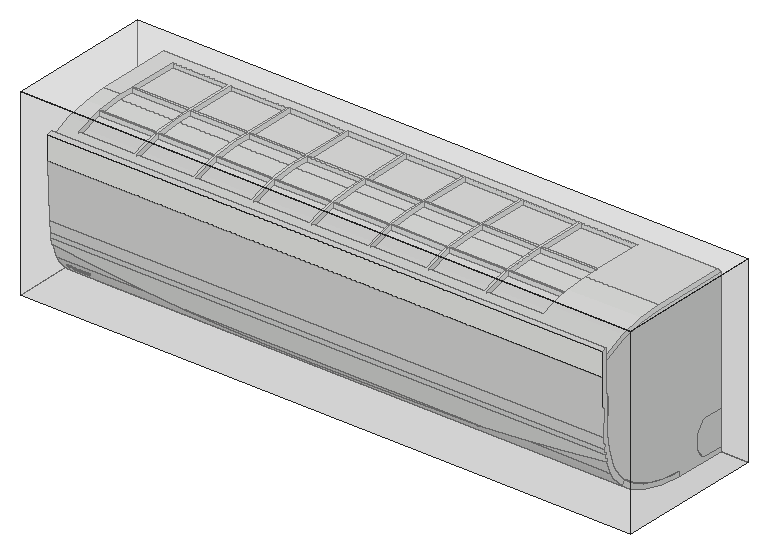
Revit family "outputfile", category 機械設備, Revit 2024 (continued)
Definition of nested family "DAIKIN_indoorunit_CTXM-RVMA"
  Forms (mm)
    Extrusion 43, void
      sketch origin (2031, -3000, 770.025) x (-1, 0, 0) y (0, -1, 0)
        loop
          line (2469.102, -2838.661) -> (2543, -2838.661) -> (2543, -2830.33) -> (2469.102, -2830.33) -> (2469.102, -2838.661)
        loop
          line (2469.102, -2852.675) -> (2543, -2852.675) -> (2543, -2841.325) -> (2469.102, -2841.325) -> (2469.102, -2852.675)
        loop
          line (2469.102, -2868.69) -> (2543, -2868.69) -> (2543, -2855.314) -> (2469.102, -2855.314) -> (2469.102, -2868.69)
        loop
          line (2469.102, -2889.694) -> (2543, -2889.694) -> (2543, -2871.306) -> (2469.102, -2871.306) -> (2469.102, -2889.694)
        loop
          line (2469.102, -2913.694) -> (2543, -2913.694) -> (2543, -2892.306) -> (2469.102, -2892.306) -> (2469.102, -2913.694)
        loop
          line (2469.102, -2941.694) -> (2543, -2941.694) -> (2543, -2916.306) -> (2469.102, -2916.306) -> (2469.102, -2941.694)
        loop
          line (2387.902, -2972.2) -> (2466.102, -2972.2) -> (2466.102, -2944.306) -> (2387.902, -2944.306) -> (2387.902, -2972.2)
        loop
          line (2387.902, -2806.638) -> (2466.102, -2806.638) -> (2466.102, -2799.5) -> (2387.902, -2799.5) -> (2387.902, -2806.638)
        loop
          line (2387.902, -2816.646) -> (2466.102, -2816.646) -> (2466.102, -2809.343) -> (2387.902, -2809.343) -> (2387.902, -2816.646)
        loop
          line (2387.902, -2827.654) -> (2466.102, -2827.654) -> (2466.102, -2819.336) -> (2387.902, -2819.336) -> (2387.902, -2827.654)
        loop
          line (2387.902, -2838.661) -> (2466.102, -2838.661) -> (2466.102, -2830.33) -> (2387.902, -2830.33) -> (2387.902, -2838.661)
        loop
          line (2387.902, -2852.675) -> (2466.102, -2852.675) -> (2466.102, -2841.325) -> (2387.902, -2841.325) -> (2387.902, -2852.675)
        loop
          line (2387.902, -2868.69) -> (2466.102, -2868.69) -> (2466.102, -2855.314) -> (2387.902, -2855.314) -> (2387.902, -2868.69)
        loop
          line (2387.902, -2889.694) -> (2466.102, -2889.694) -> (2466.102, -2871.306) -> (2387.902, -2871.306) -> (2387.902, -2889.694)
        loop
          line (2387.902, -2913.694) -> (2466.102, -2913.694) -> (2466.102, -2892.306) -> (2387.902, -2892.306) -> (2387.902, -2913.694)
        loop
          line (2387.902, -2941.694) -> (2466.102, -2941.694) -> (2466.102, -2916.306) -> (2387.902, -2916.306) -> (2387.902, -2941.694)
        loop
          line (2225.152, -2972.2) -> (2303.702, -2972.2) -> (2303.702, -2944.306) -> (2225.152, -2944.306) -> (2225.152, -2972.2)
        loop
          line (2225.152, -2806.638) -> (2303.702, -2806.638) -> (2303.702, -2799.5) -> (2225.152, -2799.5) -> (2225.152, -2806.638)
        loop
          line (2225.152, -2816.646) -> (2303.702, -2816.646) -> (2303.702, -2809.343) -> (2225.152, -2809.343) -> (2225.152, -2816.646)
        loop
          line (2225.152, -2827.654) -> (2303.702, -2827.654) -> (2303.702, -2819.336) -> (2225.152, -2819.336) -> (2225.152, -2827.654)
        loop
          line (2225.152, -2838.661) -> (2303.702, -2838.661) -> (2303.702, -2830.33) -> (2225.152, -2830.33) -> (2225.152, -2838.661)
        loop
          line (2225.152, -2852.675) -> (2303.702, -2852.675) -> (2303.702, -2841.325) -> (2225.152, -2841.325) -> (2225.152, -2852.675)
        loop
          line (2225.152, -2868.69) -> (2303.702, -2868.69) -> (2303.702, -2855.314) -> (2225.152, -2855.314) -> (2225.152, -2868.69)
        loop
          line (2225.152, -2889.694) -> (2303.702, -2889.694) -> (2303.702, -2871.306) -> (2225.152, -2871.306) -> (2225.152, -2889.694)
        loop
          line (2225.152, -2913.694) -> (2303.702, -2913.694) -> (2303.702, -2892.306) -> (2225.152, -2892.306) -> (2225.152, -2913.694)
        loop
          line (2225.152, -2941.694) -> (2303.702, -2941.694) -> (2303.702, -2916.306) -> (2225.152, -2916.306) -> (2225.152, -2941.694)
        loop
          line (2306.702, -2972.2) -> (2384.902, -2972.2) -> (2384.902, -2944.306) -> (2306.702, -2944.306) -> (2306.702, -2972.2)
        loop
          line (2306.702, -2806.638) -> (2384.902, -2806.638) -> (2384.902, -2799.5) -> (2306.702, -2799.5) -> (2306.702, -2806.638)
        loop
          line (2306.702, -2816.646) -> (2384.902, -2816.646) -> (2384.902, -2809.343) -> (2306.702, -2809.343) -> (2306.702, -2816.646)
        loop
          line (2306.702, -2827.654) -> (2384.902, -2827.654) -> (2384.902, -2819.336) -> (2306.702, -2819.336) -> (2306.702, -2827.654)
        loop
          line (2306.702, -2838.661) -> (2384.902, -2838.661) -> (2384.902, -2830.33) -> (2306.702, -2830.33) -> (2306.702, -2838.661)
        loop
          line (2306.702, -2852.675) -> (2384.902, -2852.675) -> (2384.902, -2841.325) -> (2306.702, -2841.325) -> (2306.702, -2852.675)
        loop
          line (2306.702, -2868.69) -> (2384.902, -2868.69) -> (2384.902, -2855.314) -> (2306.702, -2855.314) -> (2306.702, -2868.69)
        loop
          line (2306.702, -2889.694) -> (2384.902, -2889.694) -> (2384.902, -2871.306) -> (2306.702, -2871.306) -> (2306.702, -2889.694)
        loop
          line (2306.702, -2913.694) -> (2384.902, -2913.694) -> (2384.902, -2892.306) -> (2306.702, -2892.306) -> (2306.702, -2913.694)
        loop
          line (2306.702, -2941.694) -> (2384.902, -2941.694) -> (2384.902, -2916.306) -> (2306.702, -2916.306) -> (2306.702, -2941.694)
        loop
          line (2143.602, -2972.2) -> (2222.652, -2972.2) -> (2222.652, -2944.306) -> (2143.602, -2944.306) -> (2143.602, -2972.2)
        loop
          line (2143.602, -2806.638) -> (2222.652, -2806.638) -> (2222.652, -2799.5) -> (2143.602, -2799.5) -> (2143.602, -2806.638)
        loop
          line (2143.602, -2816.646) -> (2222.652, -2816.646) -> (2222.652, -2809.343) -> (2143.602, -2809.343) -> (2143.602, -2816.646)
        loop
          line (2143.602, -2827.654) -> (2222.652, -2827.654) -> (2222.652, -2819.336) -> (2143.602, -2819.336) -> (2143.602, -2827.654)
        loop
          line (2143.602, -2838.661) -> (2222.652, -2838.661) -> (2222.652, -2830.33) -> (2143.602, -2830.33) -> (2143.602, -2838.661)
        loop
          line (2143.602, -2852.675) -> (2222.652, -2852.675) -> (2222.652, -2841.325) -> (2143.602, -2841.325) -> (2143.602, -2852.675)
        loop
          line (2144.102, -2868.69) -> (2222.652, -2868.69) -> (2222.652, -2855.314) -> (2144.102, -2855.314) -> (2144.102, -2868.69)
        loop
          line (2143.602, -2889.694) -> (2222.652, -2889.694) -> (2222.652, -2871.306) -> (2143.602, -2871.306) -> (2143.602, -2889.694)
        loop
          line (2143.602, -2913.694) -> (2222.652, -2913.694) -> (2222.652, -2892.306) -> (2143.602, -2892.306) -> (2143.602, -2913.694)
        loop
          line (2143.602, -2941.694) -> (2222.652, -2941.694) -> (2222.652, -2916.306) -> (2143.602, -2916.306) -> (2143.602, -2941.694)
        loop
          line (2062.402, -2972.2) -> (2140.602, -2972.2) -> (2140.602, -2944.306) -> (2062.402, -2944.306) -> (2062.402, -2972.2)
        loop
          line (2062.402, -2806.638) -> (2140.602, -2806.638) -> (2140.602, -2799.5) -> (2062.402, -2799.5) -> (2062.402, -2806.638)
        loop
          line (2062.402, -2816.646) -> (2140.602, -2816.646) -> (2140.602, -2809.343) -> (2062.402, -2809.343) -> (2062.402, -2816.646)
        loop
          line (2062.402, -2827.654) -> (2140.602, -2827.654) -> (2140.602, -2819.336) -> (2062.402, -2819.336) -> (2062.402, -2827.654)
        loop
          line (2062.402, -2838.661) -> (2140.602, -2838.661) -> (2140.602, -2830.33) -> (2062.402, -2830.33) -> (2062.402, -2838.661)
        loop
          line (2062.402, -2852.675) -> (2140.602, -2852.675) -> (2140.602, -2841.325) -> (2062.402, -2841.325) -> (2062.402, -2852.675)
        loop
          line (2062.402, -2868.69) -> (2140.602, -2868.69) -> (2140.602, -2855.314) -> (2062.402, -2855.314) -> (2062.402, -2868.69)
        loop
          line (2062.402, -2889.694) -> (2140.602, -2889.694) -> (2140.602, -2871.306) -> (2062.402, -2871.306) -> (2062.402, -2889.694)
        loop
          line (2062.402, -2913.694) -> (2140.602, -2913.694) -> (2140.602, -2892.306) -> (2062.402, -2892.306) -> (2062.402, -2913.694)
        loop
          line (2062.402, -2941.694) -> (2140.602, -2941.694) -> (2140.602, -2916.306) -> (2062.402, -2916.306) -> (2062.402, -2941.694)
        loop
          line (1981.202, -2972.2) -> (2059.402, -2972.2) -> (2059.402, -2944.306) -> (1981.202, -2944.306) -> (1981.202, -2972.2)
        loop
          line (1981.202, -2806.638) -> (2059.402, -2806.638) -> (2059.402, -2799.5) -> (1981.202, -2799.5) -> (1981.202, -2806.638)
        loop
          line (1981.202, -2816.646) -> (2059.402, -2816.646) -> (2059.402, -2809.343) -> (1981.202, -2809.343) -> (1981.202, -2816.646)
        loop
          line (1981.202, -2827.654) -> (2059.402, -2827.654) -> (2059.402, -2819.336) -> (1981.202, -2819.336) -> (1981.202, -2827.654)
        loop
          line (1981.202, -2838.661) -> (2059.402, -2838.661) -> (2059.402, -2830.33) -> (1981.202, -2830.33) -> (1981.202, -2838.661)
        loop
          line (1981.202, -2852.675) -> (2059.402, -2852.675) -> (2059.402, -2841.325) -> (1981.202, -2841.325) -> (1981.202, -2852.675)
        loop
          line (1981.202, -2868.69) -> (2059.402, -2868.69) -> (2059.402, -2855.314) -> (1981.202, -2855.314) -> (1981.202, -2868.69)
        loop
          line (1981.202, -2889.694) -> (2059.402, -2889.694) -> (2059.402, -2871.306) -> (1981.202, -2871.306) -> (1981.202, -2889.694)
        loop
          line (1981.202, -2913.694) -> (2059.402, -2913.694) -> (2059.402, -2892.306) -> (1981.202, -2892.306) -> (1981.202, -2913.694)
        loop
          line (1981.202, -2941.694) -> (2059.402, -2941.694) -> (2059.402, -2916.306) -> (1981.202, -2916.306) -> (1981.202, -2941.694)
        loop
          line (1899.652, -2972.2) -> (1978.202, -2972.2) -> (1978.202, -2944.306) -> (1899.652, -2944.306) -> (1899.652, -2972.2)
        loop
          line (1899.652, -2806.638) -> (1978.202, -2806.638) -> (1978.202, -2799.5) -> (1899.652, -2799.5) -> (1899.652, -2806.638)
        loop
          line (1899.652, -2816.646) -> (1978.202, -2816.646) -> (1978.202, -2809.343) -> (1899.652, -2809.343) -> (1899.652, -2816.646)
        loop
          line (1899.652, -2827.654) -> (1978.202, -2827.654) -> (1978.202, -2819.336) -> (1899.652, -2819.336) -> (1899.652, -2827.654)
        loop
          line (1899.652, -2838.661) -> (1978.202, -2838.661) -> (1978.202, -2830.33) -> (1899.652, -2830.33) -> (1899.652, -2838.661)
        loop
          line (1899.652, -2852.675) -> (1978.202, -2852.675) -> (1978.202, -2841.325) -> (1899.652, -2841.325) -> (1899.652, -2852.675)
        loop
          line (1899.652, -2868.69) -> (1978.202, -2868.69) -> (1978.202, -2855.314) -> (1899.652, -2855.314) -> (1899.652, -2868.69)
        loop
          line (1899.652, -2889.694) -> (1978.202, -2889.694) -> (1978.202, -2871.306) -> (1899.652, -2871.306) -> (1899.652, -2889.694)
        loop
          line (1899.652, -2913.694) -> (1978.202, -2913.694) -> (1978.202, -2892.306) -> (1899.652, -2892.306) -> (1899.652, -2913.694)
        loop
          line (1899.652, -2941.694) -> (1978.202, -2941.694) -> (1978.202, -2916.306) -> (1899.652, -2916.306) -> (1899.652, -2941.694)
        loop
          line (1818.102, -2972.2) -> (1897.152, -2972.2) -> (1897.152, -2944.306) -> (1818.102, -2944.306) -> (1818.102, -2972.2)
        loop
          line (1818.102, -2806.638) -> (1897.152, -2806.638) -> (1897.152, -2799.5) -> (1818.102, -2799.5) -> (1818.102, -2806.638)
        loop
          line (1818.102, -2816.646) -> (1897.152, -2816.646) -> (1897.152, -2809.343) -> (1818.102, -2809.343) -> (1818.102, -2816.646)
        loop
          line (1818.102, -2827.654) -> (1897.152, -2827.654) -> (1897.152, -2819.336) -> (1818.102, -2819.336) -> (1818.102, -2827.654)
        loop
          line (1818.102, -2838.661) -> (1897.152, -2838.661) -> (1897.152, -2830.33) -> (1818.102, -2830.33) -> (1818.102, -2838.661)
        loop
          line (1818.102, -2852.675) -> (1897.152, -2852.675) -> (1897.152, -2841.325) -> (1818.102, -2841.325) -> (1818.102, -2852.675)
        loop
          line (1818.602, -2868.69) -> (1897.152, -2868.69) -> (1897.152, -2855.314) -> (1818.602, -2855.314) -> (1818.602, -2868.69)
        loop
          line (1818.102, -2889.694) -> (1897.152, -2889.694) -> (1897.152, -2871.306) -> (1818.102, -2871.306) -> (1818.102, -2889.694)
        loop
          line (1818.102, -2913.694) -> (1897.152, -2913.694) -> (1897.152, -2892.306) -> (1818.102, -2892.306) -> (1818.102, -2913.694)
        loop
          line (1818.102, -2941.694) -> (1897.152, -2941.694) -> (1897.152, -2916.306) -> (1818.102, -2916.306) -> (1818.102, -2941.694)
        loop
          line (1736.902, -2972.2) -> (1815.102, -2972.2) -> (1815.102, -2944.306) -> (1736.902, -2944.306) -> (1736.902, -2972.2)
        loop
          line (1736.902, -2806.638) -> (1815.102, -2806.638) -> (1815.102, -2799.5) -> (1736.902, -2799.5) -> (1736.902, -2806.638)
        loop
          line (1736.902, -2816.646) -> (1815.102, -2816.646) -> (1815.102, -2809.343) -> (1736.902, -2809.343) -> (1736.902, -2816.646)
        loop
          line (1736.902, -2827.654) -> (1815.102, -2827.654) -> (1815.102, -2819.336) -> (1736.902, -2819.336) -> (1736.902, -2827.654)
        loop
          line (1736.902, -2838.661) -> (1815.102, -2838.661) -> (1815.102, -2830.33) -> (1736.902, -2830.33) -> (1736.902, -2838.661)
        loop
          line (1736.902, -2852.675) -> (1815.102, -2852.675) -> (1815.102, -2841.325) -> (1736.902, -2841.325) -> (1736.902, -2852.675)
        loop
          line (1736.902, -2868.69) -> (1815.102, -2868.69) -> (1815.102, -2855.314) -> (1736.902, -2855.314) -> (1736.902, -2868.69)
        loop
          line (1736.902, -2889.694) -> (1815.102, -2889.694) -> (1815.102, -2871.306) -> (1736.902, -2871.306) -> (1736.902, -2889.694)
        loop
          line (1736.902, -2913.694) -> (1815.102, -2913.694) -> (1815.102, -2892.306) -> (1736.902, -2892.306) -> (1736.902, -2913.694)
        loop
          line (1736.902, -2941.694) -> (1815.102, -2941.694) -> (1815.102, -2916.306) -> (1736.902, -2916.306) -> (1736.902, -2941.694)
        loop
          line (1655.702, -2972.2) -> (1733.902, -2972.2) -> (1733.902, -2944.306) -> (1655.702, -2944.306) -> (1655.702, -2972.2)
        loop
          line (1655.702, -2806.638) -> (1733.902, -2806.638) -> (1733.902, -2799.5) -> (1655.702, -2799.5) -> (1655.702, -2806.638)
        loop
          line (1655.702, -2816.646) -> (1733.902, -2816.646) -> (1733.902, -2809.343) -> (1655.702, -2809.343) -> (1655.702, -2816.646)
        loop
          line (1655.702, -2827.654) -> (1733.902, -2827.654) -> (1733.902, -2819.336) -> (1655.702, -2819.336) -> (1655.702, -2827.654)
        loop
          line (1655.702, -2838.661) -> (1733.902, -2838.661) -> (1733.902, -2830.33) -> (1655.702, -2830.33) -> (1655.702, -2838.661)
        loop
          line (1655.702, -2852.675) -> (1733.902, -2852.675) -> (1733.902, -2841.325) -> (1655.702, -2841.325) -> (1655.702, -2852.675)
        loop
          line (1655.702, -2868.69) -> (1733.902, -2868.69) -> (1733.902, -2855.314) -> (1655.702, -2855.314) -> (1655.702, -2868.69)
        loop
          line (1655.702, -2889.694) -> (1733.902, -2889.694) -> (1733.902, -2871.306) -> (1655.702, -2871.306) -> (1655.702, -2889.694)
        loop
          line (1655.702, -2913.694) -> (1733.902, -2913.694) -> (1733.902, -2892.306) -> (1655.702, -2892.306) -> (1655.702, -2913.694)
        loop
          line (1655.702, -2941.694) -> (1733.902, -2941.694) -> (1733.902, -2916.306) -> (1655.702, -2916.306) -> (1655.702, -2941.694)
        loop
          line (1575, -2972.2) -> (1652.702, -2972.2) -> (1652.702, -2944.306) -> (1575, -2944.306) -> (1575, -2972.2)
        loop
          line (1575, -2806.638) -> (1652.702, -2806.638) -> (1652.702, -2799.5) -> (1575, -2799.5) -> (1575, -2806.638)
        loop
          line (1575, -2816.646) -> (1652.702, -2816.646) -> (1652.702, -2809.343) -> (1575, -2809.343) -> (1575, -2816.646)
        loop
          line (1575, -2827.654) -> (1652.702, -2827.654) -> (1652.702, -2819.336) -> (1575, -2819.336) -> (1575, -2827.654)
        loop
          line (1575, -2838.661) -> (1652.702, -2838.661) -> (1652.702, -2830.33) -> (1575, -2830.33) -> (1575, -2838.661)
        loop
          line (1575, -2852.675) -> (1652.702, -2852.675) -> (1652.702, -2841.325) -> (1575, -2841.325) -> (1575, -2852.675)
        loop
          line (1575, -2868.69) -> (1652.702, -2868.69) -> (1652.702, -2855.314) -> (1575, -2855.314) -> (1575, -2868.69)
        loop
          line (1575, -2889.694) -> (1652.702, -2889.694) -> (1652.702, -2871.306) -> (1575, -2871.306) -> (1575, -2889.694)
        loop
          line (1575, -2913.694) -> (1652.702, -2913.694) -> (1652.702, -2892.306) -> (1575, -2892.306) -> (1575, -2913.694)
        loop
          line (1575, -2941.694) -> (1652.702, -2941.694) -> (1652.702, -2916.306) -> (1575, -2916.306) -> (1575, -2941.694)
      from -762.353 to -819.974
  Cuts and joins
    Extrusion 9 cuts Extrusion 1
    Extrusion 10 cuts Extrusion 4
    joined: Extrusion 3, Extrusion 4
    Extrusion 18 cuts Extrusion 15
    Extrusion 19 cuts Extrusion 24
    joined: Extrusion 17, Extrusion 24
    Extrusion 43 cuts Extrusion 39
    Extrusion 38 cuts Extrusion 33
    Extrusion 38 cuts Extrusion 32
    Extrusion 40 cuts Extrusion 37
    Extrusion 42 cuts Extrusion 41
    Extrusion 35 cuts Extrusion 34
  Lines and regions (mm)
    reference lines
      curve 1: line (-523, -201.911, -229.404) -> (-523, -193.542, -239.977)
      curve 2: line (-523, -240.779, -229.404) -> (-523, -232.411, -239.977)
      curve 3: line (-523, -258.828, -65.45) -> (-523, -258.639, -75.448)
  Dimensions and locks
    locked: Extrusion 10 sketch curve to Extrusion 10 sketch curve at 1194
    Extrusion 10 sketch curve to Extrusion 10 sketch curve = 1194.0 mm
    locked: Extrusion 12 sketch curve to Extrusion 12 sketch curve at 60
    locked: Extrusion 12 sketch curve to Extrusion 12 sketch curve at 50
    locked: Extrusion 14 sketch curve to Extrusion 14 sketch curve at 60  (x2)
    locked: Extrusion 14 sketch curve to Extrusion 14 sketch curve at 50
    equal spacing: plane 5, plane 3 "Center (Left/Right)", plane 4
    "Width": plane 5 to plane 4
    "WALL HOLE_L": Extrusion 11 sketch curve to plane 4
    "WALL HOLE-R": plane 5 to Extrusion 11 sketch curve
    "Height": plane 2 "reference_level" to plane 6
    "WALL HOLE_H": Extrusion 11 sketch curve to plane 6  (x2)
    locked: cut or joined group of Extrusion 3, Extrusion 4, Extrusion 10 to nested 1 at 15
    locked: Extrusion 17 to nested 2 at 15
    locked: Extrusion 26 sketch curve to Extrusion 26 sketch curve at 60
    locked: Extrusion 26 sketch curve to Extrusion 26 sketch curve at 50
    locked: Extrusion 27 sketch curve to Extrusion 27 sketch curve at 60
    locked: Extrusion 27 sketch curve to Extrusion 27 sketch curve at 50
    locked: Extrusion 28 sketch curve to Extrusion 28 sketch curve at 60  (x2)
    locked: Extrusion 28 sketch curve to Extrusion 28 sketch curve at 50  (x2)
    locked: Extrusion 29 sketch curve to Extrusion 29 sketch curve at 60
    locked: Extrusion 29 sketch curve to Extrusion 29 sketch curve at 50
    locked: Extrusion 31 sketch curve to Extrusion 31 sketch curve at 60  (x2)
    locked: Extrusion 31 sketch curve to Extrusion 31 sketch curve at 50
    "WALL HOLE Size": diameter of Extrusion 11 sketch curve  (x2)
    aligned and locked: level to plane 2 "reference_level"
    aligned and locked: nested 1 to curve 1
    aligned and locked: Extrusion 13 sketch curve to Extrusion 12  (x4)
    aligned and locked: Extrusion 14 sketch curve to Extrusion 14 sketch curve  (x2)
    aligned and locked: Extrusion 11 to plane 1 "Center (Front/Back)"
    aligned and locked: nested 2 to curve 2
    aligned and locked: Extrusion 30 sketch curve to Extrusion 29  (x4)
    aligned and locked: Extrusion 31 sketch curve to Extrusion 31 sketch curve  (x2)
  Automatic sketch dimensions
    Extrusion 10 sketch curve to plane 3 "Center (Left/Right)" = 597.0 mm
    Extrusion 10 sketch curve to plane 3 "Center (Left/Right)" = 2.0 mm
    Extrusion 10 sketch curve to level = 352.872 mm
    Extrusion 10 sketch curve to level = 175.856 mm
    Extrusion 10 sketch curve to level = 174.907 mm
    curve 1 to level = 239.977 mm
    plane 1 "Center (Front/Back)" to curve 1 = 193.542 mm
    curve 2 to curve 1 = 0.0 mm
    curve 2 to curve 2 = 10.573 mm
    curve 1 to curve 1 = 10.573 mm
    curve 1 to curve 1 = 8.368 mm
    curve 1 to curve 2 = 30.5 mm
    curve 2 to curve 2 = 8.368 mm
    Extrusion 19 sketch curve to plane 3 "Center (Left/Right)" = 707.0 mm
    plane 3 "Center (Left/Right)" to Extrusion 19 sketch curve = 2.0 mm
    plane 3 "Center (Left/Right)" to Extrusion 19 sketch curve = 707.0 mm
    Extrusion 19 sketch curve to level = 372.872 mm
    Extrusion 19 sketch curve to level = 162.4 mm
    Extrusion 19 sketch curve to level = 161.567 mm
    Extrusion 1 sketch curve to level = 0.0 mm
    Extrusion 1 sketch curve to plane 1 "Center (Front/Back)" = 0.0 mm
    plane 1 "Center (Front/Back)" to Extrusion 1 sketch curve = 5.0 mm
    plane 1 "Center (Front/Back)" to Extrusion 1 sketch curve = 98.0 mm
    Extrusion 1 sketch curve to Extrusion 1 sketch curve = 0.07 mm
    Extrusion 1 sketch curve to level = 59.292 mm
    Extrusion 1 sketch curve to plane 1 "Center (Front/Back)" = 1977.0 mm
    Extrusion 1 sketch curve to level = 250.0 mm
    Extrusion 1 sketch curve to Extrusion 1 sketch curve = 0.0 mm
    Extrusion 1 sketch curve to level = 8.0 mm
    Extrusion 1 sketch curve to level = 28.427 mm
    plane 1 "Center (Front/Back)" to Extrusion 2 sketch curve = 180.748 mm
    Extrusion 2 sketch curve to Extrusion 2 sketch curve = 4.0 mm
    Extrusion 2 sketch curve to Extrusion 2 sketch curve = 77.747 mm
    plane 1 "Center (Front/Back)" to Extrusion 2 sketch curve = 59.279 mm
    Extrusion 2 sketch curve to Extrusion 2 sketch curve = 0.0 mm
    Extrusion 2 sketch curve to level = 283.538 mm
    Extrusion 2 sketch curve to Extrusion 2 sketch curve = 8.116 mm
    Extrusion 2 sketch curve to Extrusion 2 sketch curve = 21.583 mm
    Extrusion 2 sketch curve to Extrusion 2 sketch curve = 6.929 mm
    Extrusion 3 sketch curve to level = 19.961 mm
    plane 1 "Center (Front/Back)" to Extrusion 3 sketch curve = 223.0 mm
    Extrusion 3 sketch curve to level = 17.235 mm
    Extrusion 3 sketch curve to Extrusion 3 sketch curve = 8.406 mm
    plane 1 "Center (Front/Back)" to Extrusion 3 sketch curve = 181.517 mm
    Extrusion 3 sketch curve to Extrusion 3 sketch curve = 4.087 mm
    Extrusion 3 sketch curve to Extrusion 3 sketch curve = 69.11 mm
    Extrusion 3 sketch curve to Extrusion 3 sketch curve = 0.001 mm
    Extrusion 3 sketch curve to plane 1 "Center (Front/Back)" = 8.955 mm
    Extrusion 3 sketch curve to Extrusion 3 sketch curve = 0.067 mm
    Extrusion 3 sketch curve to level = 60.455 mm
    Extrusion 3 sketch curve to Extrusion 3 sketch curve = 1917.898 mm
    Extrusion 3 sketch curve to Extrusion 3 sketch curve = 44.907 mm
    Extrusion 3 sketch curve to Extrusion 3 sketch curve = 5.172 mm
    Extrusion 3 sketch curve to level = 150.456 mm
    Extrusion 3 sketch curve to Extrusion 3 sketch curve = 0.006 mm
    Extrusion 3 sketch curve to Extrusion 3 sketch curve = 19.265 mm
    Extrusion 3 sketch curve to Extrusion 3 sketch curve = 0.004 mm
    Extrusion 3 sketch curve to Extrusion 3 sketch curve = 76.368 mm
    Extrusion 3 sketch curve to Extrusion 3 sketch curve = 7.077 mm
    Extrusion 3 sketch curve to Extrusion 3 sketch curve = 1.002 mm
    Extrusion 3 sketch curve to Extrusion 3 sketch curve = 0.046 mm
    Extrusion 3 sketch curve to Extrusion 3 sketch curve = 8.005 mm
    Extrusion 3 sketch curve to Extrusion 3 sketch curve = 0.147 mm
    Extrusion 3 sketch curve to Extrusion 3 sketch curve = 0.0 mm
    plane 1 "Center (Front/Back)" to Extrusion 4 sketch curve = 217.853 mm
    Extrusion 4 sketch curve to Extrusion 4 sketch curve = 4.664 mm
    Extrusion 4 sketch curve to Extrusion 4 sketch curve = 26.964 mm
    Extrusion 4 sketch curve to Extrusion 4 sketch curve = 4.708 mm
    Extrusion 4 sketch curve to Extrusion 4 sketch curve = 1.92 mm
    Extrusion 4 sketch curve to Extrusion 4 sketch curve = 68.441 mm
    Extrusion 4 sketch curve to Extrusion 4 sketch curve = 2.837 mm
    Extrusion 4 sketch curve to Extrusion 4 sketch curve = 38.066 mm
    level to Extrusion 4 sketch curve = 640.031 mm
    Extrusion 4 sketch curve to plane 1 "Center (Front/Back)" = 3958.661 mm
    Extrusion 4 sketch curve to level = 111.946 mm
    Extrusion 4 sketch curve to Extrusion 4 sketch curve = 57.779 mm
    Extrusion 4 sketch curve to Extrusion 4 sketch curve = 3.149 mm
    Extrusion 4 sketch curve to Extrusion 4 sketch curve = 14.078 mm
    Extrusion 4 sketch curve to Extrusion 4 sketch curve = 0.754 mm
    Extrusion 4 sketch curve to Extrusion 4 sketch curve = 0.239 mm
    Extrusion 4 sketch curve to Extrusion 4 sketch curve = 3.324 mm
    Extrusion 4 sketch curve to Extrusion 4 sketch curve = 0.0 mm
    Extrusion 5 sketch curve to plane 1 "Center (Front/Back)" = 0.0 mm
    plane 1 "Center (Front/Back)" to Extrusion 5 sketch curve = 59.278 mm
    Extrusion 5 sketch curve to Extrusion 5 sketch curve = 98.0 mm
    Extrusion 5 sketch curve to Extrusion 5 sketch curve = 0.0 mm  (x3)
    Extrusion 5 sketch curve to level = 8.0 mm
    Extrusion 5 sketch curve to Extrusion 5 sketch curve = 38.791 mm
    Extrusion 5 sketch curve to Extrusion 5 sketch curve = 10.249 mm
    Extrusion 5 sketch curve to plane 1 "Center (Front/Back)" = 9.11 mm
    Extrusion 5 sketch curve to level = 59.292 mm
    Extrusion 5 sketch curve to Extrusion 5 sketch curve = 1967.89 mm
    Extrusion 5 sketch curve to Extrusion 5 sketch curve = 142.454 mm
    Extrusion 5 sketch curve to Extrusion 5 sketch curve = 19.271 mm
    Extrusion 5 sketch curve to Extrusion 5 sketch curve = 80.275 mm
    Extrusion 5 sketch curve to Extrusion 5 sketch curve = 24.579 mm
    Extrusion 5 sketch curve to Extrusion 5 sketch curve = 10.421 mm
    Extrusion 5 sketch curve to level = 46.847 mm
    Extrusion 5 sketch curve to Extrusion 5 sketch curve = 77.412 mm
    Extrusion 5 sketch curve to Extrusion 5 sketch curve = 33.49 mm
    Extrusion 5 sketch curve to Extrusion 5 sketch curve = 2.68 mm
    plane 1 "Center (Front/Back)" to Extrusion 6 sketch curve = 180.748 mm
    Extrusion 6 sketch curve to Extrusion 6 sketch curve = 4.0 mm
    Extrusion 6 sketch curve to Extrusion 6 sketch curve = 77.747 mm
    plane 1 "Center (Front/Back)" to Extrusion 6 sketch curve = 59.279 mm
    Extrusion 6 sketch curve to Extrusion 6 sketch curve = 0.0 mm
    Extrusion 6 sketch curve to level = 283.538 mm
    Extrusion 6 sketch curve to Extrusion 6 sketch curve = 8.116 mm
    Extrusion 6 sketch curve to Extrusion 6 sketch curve = 21.583 mm
    Extrusion 6 sketch curve to Extrusion 6 sketch curve = 6.929 mm
    plane 1 "Center (Front/Back)" to Extrusion 7 sketch curve = 180.748 mm
    Extrusion 7 sketch curve to Extrusion 7 sketch curve = 4.0 mm
    Extrusion 7 sketch curve to Extrusion 7 sketch curve = 65.247 mm
    plane 1 "Center (Front/Back)" to Extrusion 7 sketch curve = 59.279 mm
    Extrusion 7 sketch curve to Extrusion 7 sketch curve = 0.0 mm
    Extrusion 7 sketch curve to level = 281.097 mm
    Extrusion 7 sketch curve to Extrusion 7 sketch curve = 8.203 mm
    Extrusion 7 sketch curve to Extrusion 7 sketch curve = 19.055 mm
    Extrusion 7 sketch curve to Extrusion 7 sketch curve = 6.929 mm
    plane 1 "Center (Front/Back)" to Extrusion 8 sketch curve = 180.748 mm
    Extrusion 8 sketch curve to Extrusion 8 sketch curve = 4.0 mm
    Extrusion 8 sketch curve to Extrusion 8 sketch curve = 65.247 mm
    plane 1 "Center (Front/Back)" to Extrusion 8 sketch curve = 59.279 mm
    Extrusion 8 sketch curve to Extrusion 8 sketch curve = 0.0 mm
    Extrusion 8 sketch curve to level = 281.097 mm
    Extrusion 8 sketch curve to Extrusion 8 sketch curve = 8.203 mm
    Extrusion 8 sketch curve to Extrusion 8 sketch curve = 19.055 mm
    Extrusion 8 sketch curve to Extrusion 8 sketch curve = 6.929 mm
    plane 1 "Center (Front/Back)" to Extrusion 9 sketch curve = 165.259 mm  (x2)
    Extrusion 9 sketch curve to plane 3 "Center (Left/Right)" = 354.941 mm
    plane 1 "Center (Front/Back)" to Extrusion 9 sketch curve = 22.316 mm  (x3)
    Extrusion 9 sketch curve to Extrusion 9 sketch curve = 0.0 mm  (x26)
    Extrusion 9 sketch curve to Extrusion 9 sketch curve = 102.268 mm  (x2)
    Extrusion 9 sketch curve to Extrusion 9 sketch curve = 3.332 mm  (x4)
    Extrusion 9 sketch curve to Extrusion 9 sketch curve = 97.768 mm  (x2)
    Extrusion 9 sketch curve to Extrusion 9 sketch curve = 3.264 mm  (x3)
    plane 3 "Center (Left/Right)" to Extrusion 9 sketch curve = 58.309 mm
    Extrusion 9 sketch curve to Extrusion 9 sketch curve = 3.38 mm  (x3)
    Extrusion 9 sketch curve to Extrusion 9 sketch curve = 2.124 mm  (x6)
    Extrusion 9 sketch curve to Extrusion 9 sketch curve = 25.299 mm  (x2)
    Extrusion 9 sketch curve to Extrusion 9 sketch curve = 70.6 mm
    Extrusion 9 sketch curve to Extrusion 9 sketch curve = 3.317 mm  (x4)
    Extrusion 12 sketch curve to plane 1 "Center (Front/Back)" = 0.0 mm
    Extrusion 12 sketch curve to Extrusion 12 sketch curve = 20.0 mm  (x2)
    Extrusion 12 sketch curve to level = 277.0 mm
    plane 1 "Center (Front/Back)" to Extrusion 14 sketch curve = 0.0 mm
    plane 3 "Center (Left/Right)" to Extrusion 14 sketch curve = 374.0 mm
    Extrusion 14 sketch curve to Extrusion 14 sketch curve = 20.0 mm  (x3)
    plane 1 "Center (Front/Back)" to Extrusion 14 sketch curve = 30.0 mm
    Extrusion 14 sketch curve to plane 3 "Center (Left/Right)" = 314.0 mm
    Extrusion 15 sketch curve to level = 0.0 mm
    Extrusion 15 sketch curve to plane 1 "Center (Front/Back)" = 0.0 mm
    plane 1 "Center (Front/Back)" to Extrusion 15 sketch curve = 5.0 mm
    Extrusion 15 sketch curve to Extrusion 15 sketch curve = 133.0 mm
    Extrusion 15 sketch curve to Extrusion 15 sketch curve = 0.013 mm
    Extrusion 15 sketch curve to level = 59.292 mm
    Extrusion 15 sketch curve to plane 1 "Center (Front/Back)" = 1937.0 mm
    Extrusion 15 sketch curve to Extrusion 15 sketch curve = 250.0 mm
    Extrusion 15 sketch curve to Extrusion 15 sketch curve = 4.393 mm
    Extrusion 15 sketch curve to level = 8.0 mm
    Extrusion 15 sketch curve to level = 28.427 mm
    plane 1 "Center (Front/Back)" to Extrusion 16 sketch curve = 218.957 mm
    Extrusion 16 sketch curve to Extrusion 16 sketch curve = 5.601 mm
    Extrusion 16 sketch curve to Extrusion 16 sketch curve = 65.735 mm
    Extrusion 16 sketch curve to Extrusion 16 sketch curve = 1.462 mm
    plane 1 "Center (Front/Back)" to Extrusion 16 sketch curve = 108.136 mm
    Extrusion 16 sketch curve to Extrusion 16 sketch curve = 14.543 mm
    plane 1 "Center (Front/Back)" to Extrusion 16 sketch curve = 92.093 mm
    Extrusion 16 sketch curve to Extrusion 16 sketch curve = 1.354 mm
    Extrusion 16 sketch curve to level = 294.995 mm
    Extrusion 16 sketch curve to Extrusion 16 sketch curve = 8.909 mm
    Extrusion 16 sketch curve to Extrusion 16 sketch curve = 31.937 mm
    Extrusion 16 sketch curve to Extrusion 16 sketch curve = 7.433 mm
    Extrusion 16 sketch curve to Extrusion 16 sketch curve = 75.403 mm
    Extrusion 16 sketch curve to Extrusion 16 sketch curve = 0.896 mm
    Extrusion 16 sketch curve to level = 72.504 mm
    Extrusion 16 sketch curve to Extrusion 16 sketch curve = 0.504 mm
    Extrusion 17 sketch curve to level = 19.962 mm
    plane 1 "Center (Front/Back)" to Extrusion 17 sketch curve = 263.0 mm
    Extrusion 17 sketch curve to level = 17.23 mm
    Extrusion 17 sketch curve to Extrusion 17 sketch curve = 8.406 mm
    Extrusion 17 sketch curve to Extrusion 17 sketch curve = 43.283 mm
    Extrusion 17 sketch curve to Extrusion 17 sketch curve = 5.011 mm
    Extrusion 17 sketch curve to Extrusion 17 sketch curve = 49.129 mm
    Extrusion 17 sketch curve to Extrusion 17 sketch curve = 19.417 mm
    Extrusion 17 sketch curve to Extrusion 17 sketch curve = 50.037 mm
    Extrusion 17 sketch curve to Extrusion 17 sketch curve = 8.89 mm
    Extrusion 17 sketch curve to level = 61.6 mm
    Extrusion 17 sketch curve to plane 1 "Center (Front/Back)" = 1754.341 mm
    Extrusion 17 sketch curve to level = 58.909 mm
    Extrusion 17 sketch curve to Extrusion 17 sketch curve = 113.192 mm
    Extrusion 17 sketch curve to Extrusion 17 sketch curve = 69.467 mm
    Extrusion 17 sketch curve to level = 146.886 mm
    Extrusion 17 sketch curve to Extrusion 17 sketch curve = 3.987 mm
    Extrusion 17 sketch curve to Extrusion 17 sketch curve = 20.44 mm
    Extrusion 17 sketch curve to Extrusion 17 sketch curve = 13.597 mm
    Extrusion 17 sketch curve to Extrusion 17 sketch curve = 61.936 mm
    Extrusion 17 sketch curve to Extrusion 17 sketch curve = 6.649 mm
    Extrusion 17 sketch curve to level = 59.438 mm
    Extrusion 17 sketch curve to Extrusion 17 sketch curve = 0.0 mm
    Extrusion 17 sketch curve to Extrusion 17 sketch curve = 0.147 mm
    Extrusion 17 sketch curve to Extrusion 17 sketch curve = 7.808 mm
    plane 1 "Center (Front/Back)" to Extrusion 18 sketch curve = 22.316 mm  (x6)
    Extrusion 18 sketch curve to plane 3 "Center (Left/Right)" = 464.909 mm
    Extrusion 18 sketch curve to Extrusion 18 sketch curve = 0.0 mm  (x27)
    Extrusion 18 sketch curve to Extrusion 18 sketch curve = 100.606 mm  (x7)
    Extrusion 18 sketch curve to Extrusion 18 sketch curve = 3.594 mm  (x16)
    Extrusion 18 sketch curve to plane 3 "Center (Left/Right)" = 51.704 mm
    plane 3 "Center (Left/Right)" to Extrusion 18 sketch curve = 52.496 mm  (x2)
    Extrusion 18 sketch curve to Extrusion 18 sketch curve = 89.026 mm  (x6)
    Extrusion 18 sketch curve to Extrusion 18 sketch curve = 3.117 mm  (x8)
    Extrusion 18 sketch curve to Extrusion 18 sketch curve = 70.6 mm  (x7)
    Extrusion 18 sketch curve to Extrusion 18 sketch curve = 2.324 mm  (x8)
    Extrusion 18 sketch curve to Extrusion 18 sketch curve = 45.299 mm  (x7)
    plane 1 "Center (Front/Back)" to Extrusion 20 sketch curve = 218.957 mm
    Extrusion 20 sketch curve to Extrusion 20 sketch curve = 5.601 mm
    Extrusion 20 sketch curve to Extrusion 20 sketch curve = 65.735 mm
    Extrusion 20 sketch curve to Extrusion 20 sketch curve = 1.462 mm
    plane 1 "Center (Front/Back)" to Extrusion 20 sketch curve = 108.136 mm
    Extrusion 20 sketch curve to Extrusion 20 sketch curve = 14.543 mm
    plane 1 "Center (Front/Back)" to Extrusion 20 sketch curve = 92.093 mm
    Extrusion 20 sketch curve to Extrusion 20 sketch curve = 1.354 mm
    Extrusion 20 sketch curve to level = 72.0 mm
    Extrusion 20 sketch curve to Extrusion 20 sketch curve = 0.504 mm
    Extrusion 20 sketch curve to Extrusion 20 sketch curve = 98.416 mm
    Extrusion 20 sketch curve to Extrusion 20 sketch curve = 0.896 mm
    Extrusion 20 sketch curve to Extrusion 20 sketch curve = 76.3 mm
    Extrusion 20 sketch curve to Extrusion 20 sketch curve = 7.433 mm
    Extrusion 20 sketch curve to Extrusion 20 sketch curve = 26.684 mm
    Extrusion 20 sketch curve to Extrusion 20 sketch curve = 8.909 mm
    plane 1 "Center (Front/Back)" to Extrusion 21 sketch curve = 218.957 mm
    Extrusion 21 sketch curve to Extrusion 21 sketch curve = 5.601 mm
    Extrusion 21 sketch curve to Extrusion 21 sketch curve = 65.735 mm
    Extrusion 21 sketch curve to Extrusion 21 sketch curve = 1.462 mm
    Extrusion 21 sketch curve to Extrusion 21 sketch curve = 83.356 mm
    plane 1 "Center (Front/Back)" to Extrusion 21 sketch curve = 92.093 mm
    Extrusion 21 sketch curve to Extrusion 21 sketch curve = 1.354 mm
    Extrusion 21 sketch curve to level = 291.755 mm
    Extrusion 21 sketch curve to Extrusion 21 sketch curve = 8.588 mm
    Extrusion 21 sketch curve to Extrusion 21 sketch curve = 29.018 mm
    Extrusion 21 sketch curve to Extrusion 21 sketch curve = 7.433 mm
    Extrusion 21 sketch curve to Extrusion 21 sketch curve = 75.403 mm
    Extrusion 21 sketch curve to Extrusion 21 sketch curve = 0.896 mm
    Extrusion 21 sketch curve to level = 72.504 mm
    Extrusion 21 sketch curve to Extrusion 21 sketch curve = 0.504 mm
    plane 1 "Center (Front/Back)" to Extrusion 22 sketch curve = 164.0 mm
    Extrusion 22 sketch curve to Extrusion 22 sketch curve = 34.0 mm
    plane 1 "Center (Front/Back)" to Extrusion 22 sketch curve = 92.093 mm
    Extrusion 22 sketch curve to Extrusion 22 sketch curve = 1.354 mm
    Extrusion 22 sketch curve to level = 291.755 mm
    Extrusion 22 sketch curve to Extrusion 22 sketch curve = 8.588 mm
    Extrusion 22 sketch curve to Extrusion 22 sketch curve = 0.077 mm
    Extrusion 22 sketch curve to Extrusion 22 sketch curve = 9.207 mm
    plane 1 "Center (Front/Back)" to Extrusion 23 sketch curve = 218.957 mm
    Extrusion 23 sketch curve to Extrusion 23 sketch curve = 5.601 mm
    Extrusion 23 sketch curve to Extrusion 23 sketch curve = 49.356 mm
    Extrusion 23 sketch curve to Extrusion 23 sketch curve = 65.735 mm
    Extrusion 23 sketch curve to Extrusion 23 sketch curve = 1.462 mm
    plane 1 "Center (Front/Back)" to Extrusion 23 sketch curve = 92.093 mm
    Extrusion 23 sketch curve to Extrusion 23 sketch curve = 1.354 mm
    Extrusion 23 sketch curve to level = 283.089 mm
    Extrusion 23 sketch curve to Extrusion 23 sketch curve = 9.207 mm
    Extrusion 23 sketch curve to Extrusion 23 sketch curve = 19.733 mm
    Extrusion 23 sketch curve to Extrusion 23 sketch curve = 7.433 mm
    Extrusion 23 sketch curve to Extrusion 23 sketch curve = 75.403 mm
    Extrusion 23 sketch curve to Extrusion 23 sketch curve = 0.896 mm
    Extrusion 23 sketch curve to level = 72.504 mm
    Extrusion 23 sketch curve to Extrusion 23 sketch curve = 0.504 mm
    Extrusion 24 sketch curve to level = 276.055 mm
    plane 1 "Center (Front/Back)" to Extrusion 24 sketch curve = 639.709 mm
    plane 1 "Center (Front/Back)" to Extrusion 24 sketch curve = 258.299 mm
    Extrusion 24 sketch curve to Extrusion 24 sketch curve = 2.64 mm
    Extrusion 24 sketch curve to Extrusion 24 sketch curve = 35.942 mm
    Extrusion 24 sketch curve to Extrusion 24 sketch curve = 1.937 mm
    Extrusion 24 sketch curve to Extrusion 24 sketch curve = 20.299 mm
    Extrusion 24 sketch curve to Extrusion 24 sketch curve = 45.88 mm
    Extrusion 24 sketch curve to Extrusion 24 sketch curve = 41.737 mm
    Extrusion 24 sketch curve to Extrusion 24 sketch curve = 13.741 mm
    Extrusion 24 sketch curve to Extrusion 24 sketch curve = 3.448 mm
    Extrusion 24 sketch curve to level = 253.495 mm
    Extrusion 24 sketch curve to Extrusion 24 sketch curve = 2.571 mm
    Extrusion 24 sketch curve to Extrusion 24 sketch curve = 37.558 mm
    Extrusion 24 sketch curve to Extrusion 24 sketch curve = 33.63 mm
    Extrusion 24 sketch curve to Extrusion 24 sketch curve = 0.492 mm
    Extrusion 24 sketch curve to Extrusion 24 sketch curve = 40.059 mm
    Extrusion 24 sketch curve to Extrusion 24 sketch curve = 22.435 mm
    Extrusion 24 sketch curve to Extrusion 24 sketch curve = 1.992 mm
    Extrusion 24 sketch curve to Extrusion 24 sketch curve = 37.063 mm
    Extrusion 24 sketch curve to Extrusion 24 sketch curve = 0.0 mm
    Extrusion 24 sketch curve to Extrusion 24 sketch curve = 4.147 mm
    Extrusion 25 sketch curve to Extrusion 25 sketch curve = 0.0 mm  (x4)
    Extrusion 25 sketch curve to plane 1 "Center (Front/Back)" = 0.0 mm
    plane 1 "Center (Front/Back)" to Extrusion 25 sketch curve = 87.233 mm
    Extrusion 25 sketch curve to Extrusion 25 sketch curve = 3.506 mm
    Extrusion 25 sketch curve to Extrusion 25 sketch curve = 92.593 mm
    Extrusion 25 sketch curve to Extrusion 25 sketch curve = 45.42 mm
    Extrusion 25 sketch curve to Extrusion 25 sketch curve = 58.927 mm
    Extrusion 25 sketch curve to Extrusion 25 sketch curve = 74.393 mm
    Extrusion 25 sketch curve to Extrusion 25 sketch curve = 2.031 mm
    Extrusion 25 sketch curve to level = 58.927 mm
    Extrusion 25 sketch curve to plane 1 "Center (Front/Back)" = 1866.935 mm
    Extrusion 25 sketch curve to level = 72.504 mm
    Extrusion 25 sketch curve to Extrusion 25 sketch curve = 74.381 mm
    Extrusion 25 sketch curve to Extrusion 25 sketch curve = 24.427 mm
    Extrusion 25 sketch curve to Extrusion 25 sketch curve = 74.426 mm
    Extrusion 25 sketch curve to Extrusion 25 sketch curve = 0.483 mm
    Extrusion 25 sketch curve to Extrusion 25 sketch curve = 4.137 mm
    Extrusion 25 sketch curve to Extrusion 25 sketch curve = 31.393 mm
    Extrusion 25 sketch curve to Extrusion 25 sketch curve = 9.215 mm
    Extrusion 25 sketch curve to level = 8.0 mm
    Extrusion 26 sketch curve to plane 1 "Center (Front/Back)" = 0.0 mm
    Extrusion 26 sketch curve to Extrusion 26 sketch curve = 20.0 mm  (x2)
    Extrusion 26 sketch curve to level = 287.035 mm
    Extrusion 27 sketch curve to plane 1 "Center (Front/Back)" = 0.0 mm
    Extrusion 27 sketch curve to Extrusion 27 sketch curve = 20.0 mm  (x2)
    Extrusion 27 sketch curve to level = 287.035 mm
    plane 1 "Center (Front/Back)" to Extrusion 28 sketch curve = 0.0 mm  (x2)
    plane 3 "Center (Left/Right)" to Extrusion 28 sketch curve = 469.0 mm
    Extrusion 28 sketch curve to Extrusion 28 sketch curve = 20.0 mm  (x4)
    Extrusion 28 sketch curve to plane 3 "Center (Left/Right)" = 409.0 mm
    curve 3 to level = 75.448 mm
    curve 3 to curve 3 = 9.998 mm
    plane 1 "Center (Front/Back)" to curve 3 = 258.639 mm
    curve 3 to curve 3 = 0.188 mm
    Extrusion 29 sketch curve to plane 1 "Center (Front/Back)" = 0.0 mm
    Extrusion 29 sketch curve to level = 332.0 mm
    Extrusion 29 sketch curve to Extrusion 29 sketch curve = 20.0 mm  (x2)
    plane 1 "Center (Front/Back)" to Extrusion 31 sketch curve = 0.0 mm
    plane 3 "Center (Left/Right)" to Extrusion 31 sketch curve = 541.0 mm
    Extrusion 31 sketch curve to Extrusion 31 sketch curve = 20.0 mm  (x3)
    plane 1 "Center (Front/Back)" to Extrusion 31 sketch curve = 30.0 mm
    Extrusion 31 sketch curve to plane 3 "Center (Left/Right)" = 505.0 mm
    Extrusion 32 sketch curve to level = 340.0 mm
    Extrusion 32 sketch curve to plane 1 "Center (Front/Back)" = 0.0 mm
    plane 1 "Center (Front/Back)" to Extrusion 32 sketch curve = 5.0 mm
    plane 1 "Center (Front/Back)" to Extrusion 32 sketch curve = 79.8 mm
    Extrusion 32 sketch curve to Extrusion 32 sketch curve = 4.508 mm
    Extrusion 32 sketch curve to Extrusion 32 sketch curve = 0.592 mm
    Extrusion 32 sketch curve to level = 285.103 mm
    Extrusion 32 sketch curve to Extrusion 32 sketch curve = 1.14 mm
    Extrusion 32 sketch curve to Extrusion 32 sketch curve = 82.835 mm
    Extrusion 32 sketch curve to Extrusion 32 sketch curve = 9.451 mm
    Extrusion 32 sketch curve to level = 184.0 mm
    Extrusion 32 sketch curve to Extrusion 32 sketch curve = 579.5 mm
    Extrusion 32 sketch curve to Extrusion 32 sketch curve = 35.18 mm
    Extrusion 32 sketch curve to level = 148.2 mm
    Extrusion 32 sketch curve to Extrusion 32 sketch curve = 277.42 mm
    Extrusion 32 sketch curve to Extrusion 32 sketch curve = 240.2 mm
    Extrusion 32 sketch curve to Extrusion 32 sketch curve = 25.965 mm
    Extrusion 32 sketch curve to Extrusion 32 sketch curve = 51.052 mm
    Extrusion 32 sketch curve to Extrusion 32 sketch curve = 327.082 mm
    Extrusion 32 sketch curve to Extrusion 32 sketch curve = 50.537 mm
    Extrusion 32 sketch curve to Extrusion 32 sketch curve = 82.263 mm
    Extrusion 32 sketch curve to level = 347.229 mm
    Extrusion 32 sketch curve to Extrusion 32 sketch curve = 1054.539 mm
    Extrusion 32 sketch curve to plane 1 "Center (Front/Back)" = 57.362 mm
    Extrusion 32 sketch curve to Extrusion 32 sketch curve = 8.403 mm
    Extrusion 32 sketch curve to Extrusion 32 sketch curve = 4.775 mm
    Extrusion 32 sketch curve to level = 241.224 mm
    Extrusion 32 sketch curve to Extrusion 32 sketch curve = 41.225 mm
    Extrusion 32 sketch curve to level = 196.822 mm
    Extrusion 32 sketch curve to Extrusion 32 sketch curve = 39.927 mm
    Extrusion 32 sketch curve to Extrusion 32 sketch curve = 15.795 mm
    Extrusion 32 sketch curve to Extrusion 32 sketch curve = 66.392 mm
    Extrusion 32 sketch curve to level = 77.138 mm
    Extrusion 32 sketch curve to Extrusion 32 sketch curve = 16.938 mm
    Extrusion 32 sketch curve to Extrusion 32 sketch curve = 60.338 mm
    Extrusion 32 sketch curve to Extrusion 32 sketch curve = 222.7 mm
    Extrusion 32 sketch curve to Extrusion 32 sketch curve = 8.0 mm
    Extrusion 32 sketch curve to Extrusion 32 sketch curve = 3.276 mm
    Extrusion 32 sketch curve to Extrusion 32 sketch curve = 0.042 mm
    Extrusion 32 sketch curve to Extrusion 32 sketch curve = 2.844 mm
    Extrusion 32 sketch curve to Extrusion 32 sketch curve = 0.381 mm
    Extrusion 32 sketch curve to Extrusion 32 sketch curve = 0.697 mm
    Extrusion 32 sketch curve to Extrusion 32 sketch curve = 0.003 mm
    Extrusion 32 sketch curve to Extrusion 32 sketch curve = 1.176 mm
    Extrusion 32 sketch curve to Extrusion 32 sketch curve = 0.199 mm
    Extrusion 32 sketch curve to Extrusion 32 sketch curve = 0.025 mm
    Extrusion 33 sketch curve to Extrusion 33 sketch curve = 0.0 mm  (x4)
    Extrusion 33 sketch curve to level = 340.0 mm
    Extrusion 33 sketch curve to level = 347.229 mm
    plane 1 "Center (Front/Back)" to Extrusion 33 sketch curve = 2803.539 mm
    Extrusion 33 sketch curve to level = 16.8 mm
    Extrusion 33 sketch curve to Extrusion 33 sketch curve = 1054.539 mm
    Extrusion 33 sketch curve to Extrusion 33 sketch curve = 82.263 mm
    Extrusion 33 sketch curve to Extrusion 33 sketch curve = 50.537 mm
    Extrusion 33 sketch curve to level = 196.822 mm
    Extrusion 33 sketch curve to Extrusion 33 sketch curve = 327.082 mm
    Extrusion 33 sketch curve to Extrusion 33 sketch curve = 51.052 mm
    Extrusion 33 sketch curve to Extrusion 33 sketch curve = 25.965 mm
    Extrusion 33 sketch curve to Extrusion 33 sketch curve = 162.1 mm
    Extrusion 33 sketch curve to Extrusion 33 sketch curve = 78.1 mm
    Extrusion 33 sketch curve to Extrusion 33 sketch curve = 277.42 mm
    Extrusion 33 sketch curve to Extrusion 33 sketch curve = 35.18 mm
    Extrusion 33 sketch curve to Extrusion 33 sketch curve = 160.311 mm
    plane 1 "Center (Front/Back)" to Extrusion 33 sketch curve = 206.029 mm
    Extrusion 33 sketch curve to level = 255.13 mm
    plane 1 "Center (Front/Back)" to Extrusion 33 sketch curve = 205.732 mm
    Extrusion 33 sketch curve to level = 253.5 mm
    Extrusion 33 sketch curve to Extrusion 33 sketch curve = 0.205 mm
    Extrusion 33 sketch curve to Extrusion 33 sketch curve = 3.054 mm
    Extrusion 33 sketch curve to level = 330.411 mm
    Extrusion 33 sketch curve to Extrusion 33 sketch curve = 78.432 mm
    Extrusion 33 sketch curve to Extrusion 33 sketch curve = 87.729 mm
    Extrusion 33 sketch curve to Extrusion 33 sketch curve = 9.3 mm
    Extrusion 33 sketch curve to Extrusion 33 sketch curve = 3.27 mm
    Extrusion 33 sketch curve to Extrusion 33 sketch curve = 19.239 mm
    Extrusion 33 sketch curve to level = 318.212 mm
    Extrusion 33 sketch curve to level = 313.212 mm
    Extrusion 33 sketch curve to Extrusion 33 sketch curve = 0.9 mm
    Extrusion 33 sketch curve to level = 302.84 mm
    Extrusion 33 sketch curve to Extrusion 33 sketch curve = 1.729 mm
    Extrusion 33 sketch curve to Extrusion 33 sketch curve = 30.465 mm
    Extrusion 33 sketch curve to level = 285.103 mm
    Extrusion 33 sketch curve to Extrusion 33 sketch curve = 2.712 mm
    Extrusion 33 sketch curve to Extrusion 33 sketch curve = 1.14 mm
    Extrusion 33 sketch curve to Extrusion 33 sketch curve = 0.592 mm
    Extrusion 33 sketch curve to Extrusion 33 sketch curve = 4.508 mm
    plane 1 "Center (Front/Back)" to Extrusion 33 sketch curve = 38.573 mm
    plane 1 "Center (Front/Back)" to Extrusion 33 sketch curve = 38.3 mm
    Extrusion 33 sketch curve to Extrusion 33 sketch curve = 0.096 mm
    Extrusion 33 sketch curve to plane 1 "Center (Front/Back)" = 57.362 mm
    Extrusion 33 sketch curve to level = 339.117 mm
    Extrusion 33 sketch curve to level = 299.466 mm
    Extrusion 33 sketch curve to Extrusion 33 sketch curve = 8.403 mm
    Extrusion 33 sketch curve to Extrusion 33 sketch curve = 4.775 mm
    Extrusion 33 sketch curve to level = 241.224 mm
    Extrusion 33 sketch curve to Extrusion 33 sketch curve = 41.225 mm
    Extrusion 33 sketch curve to level = 184.0 mm
    Extrusion 33 sketch curve to Extrusion 33 sketch curve = 39.927 mm
    Extrusion 33 sketch curve to Extrusion 33 sketch curve = 8.595 mm
    Extrusion 33 sketch curve to Extrusion 33 sketch curve = 0.1 mm
    Extrusion 33 sketch curve to Extrusion 33 sketch curve = 15.795 mm
    Extrusion 33 sketch curve to Extrusion 33 sketch curve = 66.392 mm
    Extrusion 33 sketch curve to Extrusion 33 sketch curve = 49.869 mm
    Extrusion 33 sketch curve to Extrusion 33 sketch curve = 16.938 mm
    Extrusion 33 sketch curve to Extrusion 33 sketch curve = 109.291 mm
    Extrusion 33 sketch curve to Extrusion 33 sketch curve = 0.069 mm
    Extrusion 33 sketch curve to Extrusion 33 sketch curve = 8.145 mm
    Extrusion 33 sketch curve to Extrusion 33 sketch curve = 50.2 mm
    Extrusion 33 sketch curve to Extrusion 33 sketch curve = 3.223 mm
    Extrusion 33 sketch curve to Extrusion 33 sketch curve = 21.581 mm
    Extrusion 33 sketch curve to Extrusion 33 sketch curve = 2.255 mm
    Extrusion 33 sketch curve to Extrusion 33 sketch curve = 1.175 mm
    Extrusion 33 sketch curve to Extrusion 33 sketch curve = 0.896 mm
    Extrusion 33 sketch curve to Extrusion 33 sketch curve = 3.819 mm
    Extrusion 33 sketch curve to Extrusion 33 sketch curve = 0.196 mm
    Extrusion 33 sketch curve to Extrusion 33 sketch curve = 0.003 mm
    Extrusion 33 sketch curve to Extrusion 33 sketch curve = 0.381 mm
    Extrusion 33 sketch curve to Extrusion 33 sketch curve = 1.176 mm
    Extrusion 33 sketch curve to Extrusion 33 sketch curve = 41.735 mm
    Extrusion 33 sketch curve to Extrusion 33 sketch curve = 0.025 mm
    Extrusion 34 sketch curve to Extrusion 34 sketch curve = 0.0 mm  (x4)
    Extrusion 34 sketch curve to level = 148.3 mm
    plane 1 "Center (Front/Back)" to Extrusion 34 sketch curve = 1050.0 mm
    Extrusion 34 sketch curve to level = 330.411 mm
    plane 1 "Center (Front/Back)" to Extrusion 34 sketch curve = 127.3 mm
    Extrusion 34 sketch curve to level = 339.117 mm
    Extrusion 34 sketch curve to Extrusion 34 sketch curve = 9.3 mm
    plane 1 "Center (Front/Back)" to Extrusion 34 sketch curve = 38.3 mm
    Extrusion 34 sketch curve to Extrusion 34 sketch curve = 0.096 mm
    Extrusion 34 sketch curve to level = 50.2 mm
    Extrusion 34 sketch curve to Extrusion 34 sketch curve = 0.069 mm
    Extrusion 34 sketch curve to level = 294.658 mm
    Extrusion 34 sketch curve to Extrusion 34 sketch curve = 87.197 mm
    Extrusion 34 sketch curve to Extrusion 34 sketch curve = 2.725 mm
    Extrusion 34 sketch curve to Extrusion 34 sketch curve = 5.679 mm
    Extrusion 35 sketch curve to Extrusion 35 sketch curve = 0.0 mm  (x4)
    Extrusion 35 sketch curve to level = 148.3 mm
    plane 1 "Center (Front/Back)" to Extrusion 35 sketch curve = 1050.0 mm
    Extrusion 35 sketch curve to level = 330.411 mm
    plane 1 "Center (Front/Back)" to Extrusion 35 sketch curve = 127.3 mm
    Extrusion 35 sketch curve to Extrusion 35 sketch curve = 9.3 mm
    plane 1 "Center (Front/Back)" to Extrusion 35 sketch curve = 38.3 mm
    Extrusion 35 sketch curve to Extrusion 35 sketch curve = 0.096 mm
    Extrusion 35 sketch curve to level = 344.301 mm
    Extrusion 35 sketch curve to level = 50.2 mm
    Extrusion 35 sketch curve to Extrusion 35 sketch curve = 0.069 mm
    Extrusion 35 sketch curve to level = 300.091 mm
    Extrusion 35 sketch curve to Extrusion 35 sketch curve = 85.347 mm
    Extrusion 35 sketch curve to Extrusion 35 sketch curve = 3.692 mm
    Extrusion 35 sketch curve to Extrusion 35 sketch curve = 7.572 mm
    Extrusion 36 sketch curve to level = 148.313 mm
    plane 1 "Center (Front/Back)" to Extrusion 36 sketch curve = 1049.978 mm
    Extrusion 36 sketch curve to level = 320.124 mm
    plane 1 "Center (Front/Back)" to Extrusion 36 sketch curve = 168.536 mm
    Extrusion 36 sketch curve to level = 320.505 mm
    Extrusion 36 sketch curve to Extrusion 36 sketch curve = 0.781 mm
    Extrusion 36 sketch curve to level = 307.518 mm
    Extrusion 36 sketch curve to Extrusion 36 sketch curve = 6.09 mm
    Extrusion 36 sketch curve to level = 307.87 mm
    Extrusion 36 sketch curve to Extrusion 36 sketch curve = 0.742 mm
    Extrusion 36 sketch curve to level = 332.496 mm
    Extrusion 36 sketch curve to Extrusion 36 sketch curve = 28.816 mm
    Extrusion 36 sketch curve to level = 319.314 mm
    Extrusion 36 sketch curve to Extrusion 36 sketch curve = 4.703 mm
    plane 1 "Center (Front/Back)" to Extrusion 36 sketch curve = 38.432 mm
    Extrusion 36 sketch curve to Extrusion 36 sketch curve = 0.132 mm
    Extrusion 36 sketch curve to Extrusion 36 sketch curve = 0.055 mm
    Extrusion 36 sketch curve to Extrusion 36 sketch curve = 0.065 mm
    Extrusion 36 sketch curve to Extrusion 36 sketch curve = 0.031 mm
    Extrusion 36 sketch curve to Extrusion 36 sketch curve = 0.094 mm
    Extrusion 36 sketch curve to Extrusion 36 sketch curve = 0.026 mm
    Extrusion 36 sketch curve to Extrusion 36 sketch curve = 0.062 mm
    Extrusion 36 sketch curve to Extrusion 36 sketch curve = 0.016 mm
    Extrusion 36 sketch curve to level = 294.678 mm
    Extrusion 37 sketch curve to Extrusion 37 sketch curve = 0.0 mm  (x3)
    Extrusion 37 sketch curve to level = 148.3 mm
    plane 1 "Center (Front/Back)" to Extrusion 37 sketch curve = 1050.0 mm
    plane 1 "Center (Front/Back)" to Extrusion 37 sketch curve = 286.4 mm
    Extrusion 37 sketch curve to Extrusion 37 sketch curve = 27.4 mm
    Extrusion 37 sketch curve to Extrusion 37 sketch curve = 1.6 mm
    Extrusion 37 sketch curve to Extrusion 37 sketch curve = 49.503 mm
    Extrusion 37 sketch curve to Extrusion 37 sketch curve = 1.344 mm
    plane 1 "Center (Front/Back)" to Extrusion 37 sketch curve = 173.39 mm
    plane 1 "Center (Front/Back)" to Extrusion 37 sketch curve = 38.3 mm
    Extrusion 37 sketch curve to plane 1 "Center (Front/Back)" = 10.106 mm
    Extrusion 37 sketch curve to level = 48.598 mm
    Extrusion 37 sketch curve to Extrusion 37 sketch curve = 1512.815 mm
    Extrusion 37 sketch curve to level = 173.035 mm
    Extrusion 37 sketch curve to level = 235.922 mm
    Extrusion 37 sketch curve to Extrusion 37 sketch curve = 177.842 mm
    Extrusion 37 sketch curve to Extrusion 37 sketch curve = 122.835 mm
    Extrusion 37 sketch curve to Extrusion 37 sketch curve = 8.131 mm
    Extrusion 37 sketch curve to Extrusion 37 sketch curve = 14.773 mm
    Extrusion 37 sketch curve to Extrusion 37 sketch curve = 1.176 mm
    Extrusion 37 sketch curve to Extrusion 37 sketch curve = 178.5 mm
    Extrusion 37 sketch curve to Extrusion 37 sketch curve = 13.361 mm
    Extrusion 37 sketch curve to Extrusion 37 sketch curve = 25.87 mm
    Extrusion 37 sketch curve to Extrusion 37 sketch curve = 0.626 mm
    Extrusion 38 sketch curve to Extrusion 38 sketch curve = 0.0 mm  (x4)
    plane 1 "Center (Front/Back)" to Extrusion 38 sketch curve = 200.5 mm
    Extrusion 38 sketch curve to Extrusion 38 sketch curve = 82.2 mm
    plane 1 "Center (Front/Back)" to Extrusion 38 sketch curve = 38.573 mm
    plane 1 "Center (Front/Back)" to Extrusion 38 sketch curve = 27.8 mm
    Extrusion 38 sketch curve to level = 299.466 mm
    Extrusion 38 sketch curve to Extrusion 38 sketch curve = 199.466 mm
    Extrusion 38 sketch curve to Extrusion 38 sketch curve = 52.848 mm
    Extrusion 38 sketch curve to Extrusion 38 sketch curve = 23.466 mm
    Extrusion 38 sketch curve to Extrusion 38 sketch curve = 8.686 mm
    Extrusion 38 sketch curve to Extrusion 38 sketch curve = 20.0 mm
    Extrusion 39 sketch curve to Extrusion 39 sketch curve = 0.0 mm  (x4)
    plane 1 "Center (Front/Back)" to Extrusion 39 sketch curve = 200.5 mm
    Extrusion 39 sketch curve to Extrusion 39 sketch curve = 82.2 mm
    plane 1 "Center (Front/Back)" to Extrusion 39 sketch curve = 38.573 mm
    plane 1 "Center (Front/Back)" to Extrusion 39 sketch curve = 27.8 mm
    Extrusion 39 sketch curve to level = 299.466 mm
    Extrusion 39 sketch curve to Extrusion 39 sketch curve = 199.466 mm
    Extrusion 39 sketch curve to Extrusion 39 sketch curve = 52.848 mm
    Extrusion 39 sketch curve to Extrusion 39 sketch curve = 17.652 mm
    Extrusion 39 sketch curve to Extrusion 39 sketch curve = 14.5 mm
    Extrusion 39 sketch curve to Extrusion 39 sketch curve = 15.0 mm
    plane 3 "Center (Left/Right)" to Extrusion 40 sketch curve = 428.371 mm
    Extrusion 40 sketch curve to Extrusion 40 sketch curve = 3.858 mm  (x2)
    Extrusion 40 sketch curve to Extrusion 40 sketch curve = 10.959 mm  (x2)
    plane 3 "Center (Left/Right)" to Extrusion 40 sketch curve = 111.098 mm
    Extrusion 40 sketch curve to Extrusion 40 sketch curve = 3.0 mm  (x4)
    Extrusion 40 sketch curve to Extrusion 40 sketch curve = 5.25 mm  (x4)
    Extrusion 40 sketch curve to Extrusion 40 sketch curve = 2.5 mm  (x2)
    Extrusion 40 sketch curve to plane 3 "Center (Left/Right)" = 214.402 mm
    Extrusion 40 sketch curve to Extrusion 40 sketch curve = 302.152 mm
    plane 1 "Center (Front/Back)" to Extrusion 40 sketch curve = 235.15 mm
    Extrusion 40 sketch curve to Extrusion 40 sketch curve = 0.95 mm  (x2)
    plane 1 "Center (Front/Back)" to Extrusion 40 sketch curve = 234.2 mm
    plane 1 "Center (Front/Back)" to Extrusion 40 sketch curve = 231.7 mm
    Extrusion 40 sketch curve to Extrusion 40 sketch curve = 0.0 mm  (x7)
    Extrusion 40 sketch curve to Extrusion 40 sketch curve = 13.5 mm  (x3)
    Extrusion 40 sketch curve to Extrusion 40 sketch curve = 4.5 mm  (x4)
    Extrusion 40 sketch curve to Extrusion 40 sketch curve = 27.098 mm
    Extrusion 40 sketch curve to Extrusion 40 sketch curve = 26.148 mm
